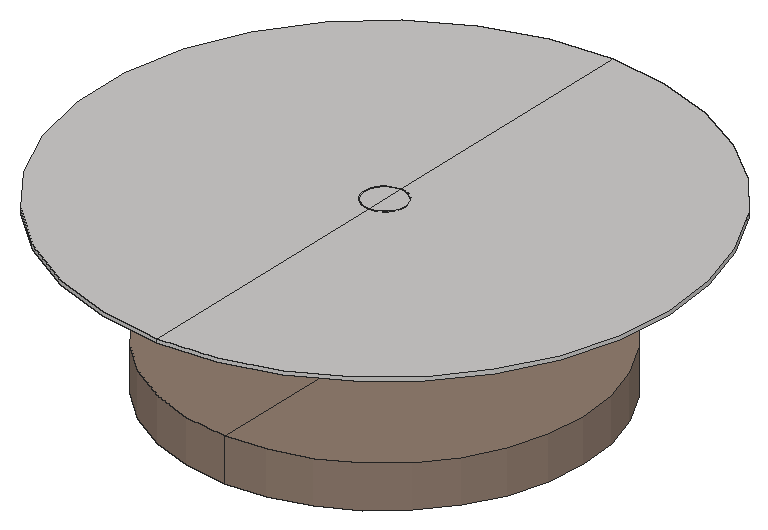
Revit family "Cover_Access_Plug-Zurn-Z1468", category Plumbing Fixtures, host Face, Revit 2022
Family settings
  Host = Face
  Round Connector Dimension = Use Radius
  Part Type = Normal
  OmniClass Number = 23.60.30.11.14
  OmniClass Title = Pipework Fittings
  Cut with Voids When Loaded = No
  Maintain Annotation Orientation = No
  Shared = No
  Room Calculation Point = No
Parameters (values of type "Family Type Catalouge")
  Waste Connection = 1 = 1  # yes
  WFU = 1  # constant formula
  Vent Connection = 1 = 0  # no
  URL = "www.zurn.com"
  Type Comments = "ZS1464-3 Inch Plug"
  Screw Material [instance] = Steel - Zurn - Stainless - Type - 304
  Product data url = "https://www.bimobject.com/en-in/zurnindustries/product/zurn-z1468"
  Product Page URL = "https://www.zurn.com/products/drainage-interceptors/cleanouts/access-covers/z1468"
  Product Documentation Link = "https://files.zurn.com/spec-sheets/58781.pdf"
  Plate Material = Steel - Zurn - Stainless - Type - 304
  Pipe Size_A Outer Diameter = 3.500"
  Pipe Size_A Nominal Diameter = 3.000"
  Pipe Size_A Inside Diameter = 3.026"
  Modified Date = "12/30/2025"  # constant formula
  Model = "ZS1464"
  Manufacurer Brand = "Zurn"  # constant formula
  Manufacturer = "Zurn Water, LLC"  # constant formula
  Main Material = Bronze - Zurn - Polished
  HWFU = 0  # constant formula
  HW Connection = 1 = 0  # no
  Description = "ACCESS COVER AND PLUG"  # constant formula
  Default Elevation = 20.000"  # constant formula
  Date Created = "11/13/2018"  # constant formula
  Connector Radius = Pipe Size_A Nominal Diameter / 2  # 1.500"
  CWFU = 0  # constant formula
  CW Connection = 1 = 0  # no
  Body Depth = 1.750"
  B Dimension = 5.000"
  Assembly Code = "D2030100"
  Approx. Weight (Lbs) = 5.000"
Reference planes (in)
  plane 1 "Center (Front/Back)": y = 0
  plane 2: z = 0
  plane 3 "Center (Left/Right)": x = 0
  plane 4: y = 1.25
  plane 5: y = -1.25
  plane 6: y = -2.5
  plane 7: y = 2.5
  plane 8 "end": z = -1.4375
  plane 9: y = -1.513
  plane 10: y = 1.513
  plane 11: y = -1.75
  plane 12: y = 1.75
  plane 13: y = -1.5
  plane 14: y = 1.5
  plane 15: x = -1.5
  plane 16: x = 1.5
  plane 17: z = 0.033
Forms (in)
  Revolve 1, solid, material "Steel - Zurn - Stainless - Type - 304" <- "Plate Material", detail levels fine
    sketch origin (0.00363, 0.09528, -0.05765) x (0, 0, 1) y (0, -1, 0)
      loop
        line (0.02892, 0.25298) -> (0.02892, 0.22028) -> (0.09065, 0.27165) -> (0.09065, 2.59528) -> (0.05765, 2.59528) -> (0.05765, 0.27664) -> (0.02892, 0.25298)
      axis (0.09065, 0.09528) -> (0.02892, 0.09528)
    angle from 0 to 360
  Revolve 2, solid, material "Bronze - Zurn - Polished" <- "Main Material", detail levels fine
    sketch origin (0.00363, 0.00703, -3.00171) x (0, 0, 1) y (0, -1, 0)
      loop
        line (2.31421, 0.21814) -> (1.93921, 0.21814) -> (1.93921, 1.75703) -> (1.56421, 1.75703) -> (1.56421, 1.52003) -> (1.84551, 1.52003) -> (1.84551, 0.00703) -> (2.31421, 0.00703) -> (2.31421, 0.21814)
      axis (2.31421, 0.00703) -> (1.56421, 0.00703)
    angle from 0 to 360
  Revolve 3, solid, material "Steel - Zurn - Stainless - Type - 304" <- "Screw Material", detail levels fine
    sketch origin (0.00363, 0.00703, -3.00171) x (0, 0, 1) y (0, -1, 0)
      loop
        line (2.97171, 0.13068) -> (2.00171, 0.13068) -> (2.00171, 0.00703) -> (3.03471, 0.00703) -> (3.03471, 0.18545) -> (2.97171, 0.13068)
      axis (3.03471, 0.00703) -> (2.00171, 0.00703)
    angle from 0 to 360
Lines and regions (in)
  Masking region 1, detail levels fine
    outline origin (0, 0, 0) x (1, 0, 0) y (0, 1, 0)
      loop
        circle (0, 0) r 5
  model lines, detail levels coarse+medium
    curve 1: circle (0, 0, -1.4375) r 1.5 normal (0, 0, 1)
    curve 2: circle (0, 0, 0) r 2.5 normal (0, 0, 1)
    curve 3: line (0, 0, 0) -> (0, 0, -1.4375)
    curve 4: line (0, 1.5, -1.4375) -> (0, -1.5, -1.4375)
    curve 5: line (-1.5, 0, -1.4375) -> (1.5, 0, -1.4375)
Dimensions and locks (in)
  locked: Revolve 3 sketch curve to Revolve 3 sketch curve at 0.12365
  locked: Revolve 2 sketch curve to Revolve 2 sketch curve at 0.0937
  locked: Revolve 3 sketch curve to Revolve 3 sketch curve at 0.981
  locked: Revolve 2 sketch curve to Revolve 2 sketch curve at 0.75
  locked: Revolve 2 sketch curve to Revolve 2 sketch curve at 0.2813
  plane 4 to plane 1 "Center (Front/Back)" to plane 5 = 1.250" locked, 1.250" locked
  equal spacing: plane 7, plane 1 "Center (Front/Back)", plane 6
  locked: plane 1 "Center (Front/Back)" to Revolve 3 sketch curve at 0.17841
  locked: plane 2 to plane 8 "end" at 1.4375
  locked: Revolve 1 sketch curve to Revolve 1 sketch curve at 0.0327
  locked: Revolve 3 to plane 2 at 1
  equal spacing: plane 9, plane 1 "Center (Front/Back)", plane 10
  "Pipe Size_A Inside Diameter": plane 9 to plane 10
  equal spacing: plane 11, plane 1 "Center (Front/Back)", plane 12
  "Pipe Size_A Outer Diameter": plane 11 to plane 12
  equal spacing: plane 13, plane 1 "Center (Front/Back)", plane 14
  equal spacing: plane 6, plane 1 "Center (Front/Back)", plane 7
  "B Dimension": plane 6 to plane 7
  equal spacing: plane 15, plane 3 "Center (Left/Right)", plane 16
  "Pipe Size_A Nominal Diameter": plane 15 to plane 16
  locked: Revolve 1 sketch curve to Revolve 1 sketch curve at 0.02505
  locked: plane 17 to plane 2 at 0.033
  plane 2 to level = 0.000"
  "Pipe Size_A Nominal Diameter": plane 13 to plane 14
  plane 1 "Center (Front/Back)" to Revolve 2 sketch curve = 0.21111"
  "B Dimension": radius of Masking region 1 sketch curve
  "Pipe Size_A Nominal Diameter": diameter of curve 1
  "B Dimension": diameter of curve 2
  locked: Revolve 3 sketch curve to Revolve 3 sketch curve (angle 139.00°)
  aligned and locked: plane 2 to host face
  aligned and locked: plane 1 "Center (Front/Back)" to Revolve 3 sketch curve
  aligned and locked: Revolve 3 sketch curve to plane 1 "Center (Front/Back)"
  aligned and locked: Revolve 2 sketch curve to Revolve 2 sketch curve
  aligned and locked: Revolve 2 to plane 8 "end"
  aligned and locked: Revolve 1 sketch curve to plane 3 "Center (Left/Right)"
  aligned and locked: Revolve 2 sketch curve to plane 8 "end"
  aligned and locked: plane 3 "Center (Left/Right)" to curve 1
  aligned and locked: plane 1 "Center (Front/Back)" to curve 1
  aligned and locked: plane 1 "Center (Front/Back)" to curve 2
  aligned and locked: plane 3 "Center (Left/Right)" to curve 2
  aligned and locked: plane 8 "end" to curve 3
  aligned and locked: curve 3 to plane 3 "Center (Left/Right)"
  aligned and locked: Revolve 1 sketch curve to Revolve 1 sketch curve
  aligned and locked: Revolve 2 sketch curve to plane 11
  aligned and locked: plane 9 to Revolve 2 sketch curve
  aligned and locked: plane 3 "Center (Left/Right)" to Masking region 1 sketch curve
  aligned and locked: plane 1 "Center (Front/Back)" to Masking region 1 sketch curve
  aligned and locked: curve 4 to plane 3 "Center (Left/Right)"
  aligned and locked: plane 1 "Center (Front/Back)" to curve 5
  aligned and locked: curve 2 to curve 3
  aligned and locked: plane 17 to Revolve 3 sketch curve
  aligned and locked: Revolve 1 sketch curve to plane 6
  aligned and locked: Revolve 1 sketch curve to plane 2
  aligned and locked: Revolve 1 sketch curve to plane 17
  aligned and locked: plane 6 to Revolve 1 sketch curve  (x2)
Automatic sketch dimensions
  host sketch curve to host sketch curve = 96.000"  (x2)
  plane 8 "end" to Revolve 3 sketch curve = 0.4375"
  Revolve 3 sketch curve to plane 8 "end" = 1.80312"
  Revolve 2 sketch curve to plane 1 "Center (Front/Back)" = 0.000"
  Revolve 2 sketch curve to plane 8 "end" = 1.79439"
  Revolve 2 sketch curve to level = 0.09546"
Types in the file's own list only (20): name | Type Comments | Plate Material | Pipe Size_A Outer Diameter | Pipe Size_A Nominal Diameter | Pipe Size_A Inside Diameter | Model | Default Elevation | Connector Radius | Body Depth | B Dimension | Approx. Weight (Lbs)
  ZAB1468-4 | "ZAB1464-4 Inch Plug" | Bronze - Zurn - Polished | 4.500 " | 4.000 " | 4.026 " | "ZAB1464" | 20.000 " | 2.000 " | 1.750 " | 7.000 " | 8.000 "
  ZAB1468-3 | "ZAB1464-3 Inch Plug" | Bronze - Zurn - Polished | 3.500 " | 3.000 " | 3.068 " | "ZAB1464" | 20.000 " | 1.500 " | 1.750 " | 5.000 " | 5.000 "
  ZAB1468-3.5 | "ZAB1464-3.5 Inch Plug" | Bronze - Zurn - Polished | 4.000 " | 3.500 " | 3.468 " | "ZAB1464" | 20.000 " | 1.750 " | 1.750 " | 5.000 " | 6.000 "
  ZAB1468-5 | "ZAB1464-5 Inch Plug" | Bronze - Zurn - Polished | 5.563 " | 5.000 " | 5.047 " | "ZAB1464" | 20.000 " | 2.500 " | 1.750 " | 7.000 " | 11.000 "
  ZAB1468-6 | "ZAB1464-6 Inch Plug" | Bronze - Zurn - Polished | 6.625 " | 6.000 " | 6.065 " | "ZAB1464" | 20.000 " | 3.000 " | 1.750 " | 9.000 " | 14.000 "
  ZAB1468-8 | "ZAB1464-8 Inch Plug" | Bronze - Zurn - Polished | 8.625 " | 8.000 " | 7.981 " | "ZAB1464" | 20.000 " | 4.000 " | 1.750 " | 11.000 " | 25.000 "
  ZAB1468-2 | "ZAB1464-2 Inch Plug" | Bronze - Zurn - Polished | 2.375 " | 2.000 " | 2.067 " | "ZAB1464" | 20.000 " | 1.000 " | 1.750 " | 5.000 " | 5.000 "
  ZAB1468-2.5 | "ZAB1464-2.5 Inch Plug" | Bronze - Zurn - Polished | 2.875 " | 2.500 " | 2.469 " | "ZAB1464" | 20.000 " | 1.250 " | 1.750 " | 5.000 " | 5.000 "
  ZAB1468-1.25 | "ZAB1464-1.25 Inch Plug" | Bronze - Zurn - Polished | 0.540 " | 1.250 " | 0.364 " | "ZAB1464" | 20.000 " | 0.625 " | 1.750 " | 4.000 " | 4.000 "
  ZAB1468-1.5 | "ZAB1464-1.5 Inch Plug" | Bronze - Zurn - Polished | 0.840 " | 0.500 " | 0.622 " | "ZAB1464" | 20.000 " | 0.250 " | 1.750 " | 4.000 " | 4.000 "
  ZS1468-4 | "ZS1468-4 Inch Plug" | Steel - Zurn - Stainless - Type - 304 | 4.500 " | 4.000 " | 4.026 " | "ZS1468" | 20.000 " | 2.000 " | 1.750 " | 7.000 " | 8.000 "
  ZS1468-3 | "ZS1468-3 Inch Plug" | Steel - Zurn - Stainless - Type - 304 | 3.500 " | 3.000 " | 3.068 " | "ZS1468" | 20.000 " | 1.500 " | 1.750 " | 5.000 " | 5.000 "
  ZS1468-3.5 | "ZS1468-3.5 Inch Plug" | Steel - Zurn - Stainless - Type - 304 | 4.000 " | 3.500 " | 3.468 " | "ZS1468" | 20.000 " | 1.750 " | 1.750 " | 5.000 " | 6.000 "
  ZS1468-5 | "ZS1468-5 Inch Plug" | Steel - Zurn - Stainless - Type - 304 | 5.563 " | 5.000 " | 5.047 " | "ZS1468" | 20.000 " | 2.500 " | 1.750 " | 7.000 " | 11.000 "
  ZS1468-6 | "ZS1468-6 Inch Plug" | Steel - Zurn - Stainless - Type - 304 | 6.625 " | 6.000 " | 6.065 " | "ZS1468" | 20.000 " | 3.000 " | 1.750 " | 9.000 " | 14.000 "
  ZS1468-8 | "ZS1468-8 Inch Plug" | Steel - Zurn - Stainless - Type - 304 | 8.625 " | 8.000 " | 7.981 " | "ZS1468" | 20.000 " | 4.000 " | 1.750 " | 11.000 " | 25.000 "
  ZS1468-2 | "ZS1468-2 Inch Plug" | Steel - Zurn - Stainless - Type - 304 | 2.375 " | 2.000 " | 2.067 " | "ZS1468" | 20.000 " | 1.000 " | 1.750 " | 5.000 " | 5.000 "
  ZS1468-2.5 | "ZS1468-2.5 Inch Plug" | Steel - Zurn - Stainless - Type - 304 | 2.875 " | 2.500 " | 2.469 " | "ZS1468" | 20.000 " | 1.250 " | 1.750 " | 5.000 " | 5.000 "
  ZS1468-1.25 | "ZS1468-1.25 Inch Plug" | Steel - Zurn - Stainless - Type - 304 | 0.540 " | 1.250 " | 0.364 " | "ZS1468" | 20.000 " | 0.625 " | 1.750 " | 4.000 " | 4.000 "
  ZS1468-1.5 | "ZS1468-1.5 Inch Plug" | Steel - Zurn - Stainless - Type - 304 | 0.840 " | 0.500 " | 0.622 " | "ZS1468" | 20.000 " | 0.250 " | 1.750 " | 4.000 " | 4.000 "
